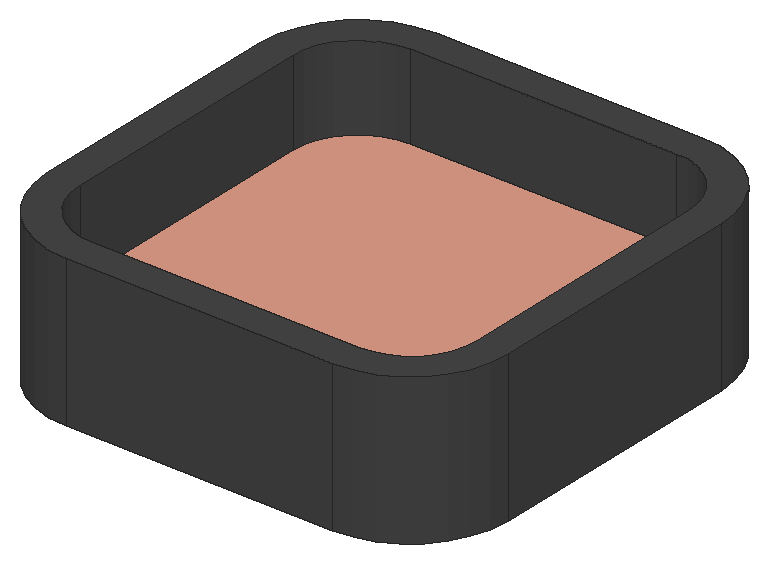
Revit family "VISS SQUARE LED LIGHT", category Lighting Fixtures, host Face, Revit 2020 (continued)
Types (65): name | Wattage Comments | Wattage | built-in parameter 1150134 | Surface Mount | Surface Acoustic Body | Photometric Web File | Order number | built-in parameter 1150142 | Model | built-in parameter 1150105 | Lumens | built-in parameter 1150107 | built-in parameter 1150106 | H1 | Fixture Width | Finish/Color | B2 | B1 | Apparent Load | Aircraft Cable Pendant Mount | Acoustic Body
  VSI-S-5032-40901-SMK-WH | "50 W" | 23.5624 W | 12 | yes | no | "VSI-S-5032-40901.IES" | "17636" | "IESNA:LM-63-2002\r\n[TEST] \r\n[DATE] 2019-08-21\r\n[MANUFAC] Aboveall lighting\r\n[LUMCAT] \r\n[LUMINAIRE] VSI-S-5032-40901\r\n[LAMPCAT] \r\n[LAMP] SAMSUNG 2835 4000K\r\nTILT=NONE\r\n1 4307.5 1.35 91 13 1 2 0.8 0.8 0.088 \r\n1 1 52.5\r\n0. 1. 2. 3. 4. 5. 6. 7. 8. 9. 10. 11. 12. 13. 14. 15. 16. 17. 18. 19. 20. 21. 22. 23. 24. 25. 26. 27. 28. 29. 30. 31. 32. 33. 34. 35. 36. 37. 38. 39. 40. 41. 42. 43. 44. 45. 46. 47. 48. 49. 50. 51. 52. 53. 54. 55. 56. 57. 58. 59. 60. 61. 62. 63. 64. 65. 66. 67. 68. 69. 70. 71. 72. 73. 74. 75. 76. 77. 78. 79. 80. 81. 82. 83. 84. 85. 86. 87. 88. 89. 90. \r\n0. 30. 60. 90. 120. 150. 180. 210. 240. 270. 300. 330. 360. \r\n856.032 858.511 858.865 858.865 858.511 857.803 857.448 856.032 854.97 853.554 852.138 851.076 848.598 846.12 842.933 841.163 839.393 835.853 833.729 829.835 825.232 822.754 817.444 812.133 808.947 803.283 800.096 793.016 786.29 782.749 776.023 768.942 765.402 757.259 749.117 744.869 736.372 727.521 722.919 713.714 709.112 699.553 689.995 680.082 675.48 669.815 659.549 654.238 643.617 634.059 628.04 617.42 612.109 595.824 590.514 585.203 574.228 568.918 557.589 546.615 540.95 530.329 519.001 513.336 501.299 489.617 483.244 470.499 449.612 449.612 433.681 416.333 406.775 387.303 376.329 351.193 333.81 293.062 248.384 225.762 181.367 158.745 75.691 70.911 52.148 21.454 11.4 1.912 2.018 2.195 2.372 \r\n856.032 854.262 854.616 854.97 854.97 854.616 854.262 853.554 852.492 851.784 850.014 848.598 847.536 845.058 842.579 841.517 838.331 835.499 833.375 829.481 825.586 823.108 818.506 816.382 811.425 808.593 802.929 797.264 794.078 787.706 784.873 776.023 775.315 764.694 760.8 756.905 749.117 745.223 736.372 728.229 723.627 714.776 705.926 701.677 692.473 682.914 677.958 668.399 658.486 653.176 643.263 632.643 627.686 617.066 611.755 601.134 589.452 584.141 572.812 567.148 555.819 549.801 538.118 526.081 519.709 507.318 500.591 487.138 472.977 465.189 440.761 440.761 422.706 402.172 390.844 365.0 337.917 322.835 287.752 245.977 224.133 180.199 136.512 76.363 73.92 39.863 27.295 10.125 0.46 0.425 0.425 \r\n856.032 854.616 854.616 854.616 854.262 853.908 853.2 852.846 852.138 851.43 850.014 848.244 847.182 845.058 843.642 840.809 839.039 835.853 832.313 830.189 826.648 824.17 819.922 817.444 812.487 807.177 804.345 798.68 792.308 789.122 782.749 775.669 772.482 765.048 757.613 753.719 746.285 737.788 733.54 724.689 715.838 711.59 702.386 698.137 688.933 684.33 674.772 665.213 659.903 649.99 644.68 639.369 623.438 618.482 607.861 602.551 591.576 579.539 573.875 562.9 557.235 545.552 533.516 527.851 515.814 503.778 497.405 484.306 470.853 465.897 449.612 433.681 433.681 405.713 395.092 372.08 346.732 331.332 301.027 282.972 243.498 201.511 180.517 140.088 121.147 102.03 47.723 47.723 3.257 0.602 0.46 \r\n856.032 854.97 854.616 853.554 852.846 852.138 851.076 849.306 847.536 846.474 844.35 842.933 839.747 836.207 834.791 830.897 828.772 824.878 820.276 817.798 812.487 806.823 803.991 798.326 791.6 784.873 776.023 774.961 771.42 763.986 756.197 751.949 743.806 739.558 730.353 725.751 716.901 707.342 702.74 693.181 688.225 678.312 668.399 663.089 653.176 647.866 631.935 626.27 620.96 609.631 604.321 592.284 580.955 575.645 564.316 552.633 535.994 535.994 524.665 519.001 508.026 496.697 491.033 479.704 473.685 462.003 449.966 443.593 430.14 415.625 406.775 389.782 380.577 361.46 351.193 325.42 269.413 269.413 227.532 206.609 166.25 146.637 77.0 72.717 56.184 14.019 5.381 0.46 0.425 0.425 0.46 \r\n856.032 856.386 856.032 854.97 854.262 853.554 852.492 850.368 850.014 847.89 846.474 844.35 841.517 840.455 837.269 833.375 831.605 827.356 823.108 821.338 816.382 811.425 808.593 803.283 797.618 794.432 791.246 784.165 777.793 770.712 766.818 759.738 751.595 748.409 744.161 736.018 727.167 722.919 718.671 705.218 700.615 691.411 686.454 676.896 666.275 661.673 651.76 646.804 636.183 630.518 620.606 609.985 598.656 593.7 582.371 571.396 565.732 554.403 542.366 537.056 525.019 512.982 506.964 493.865 487.492 475.102 468.375 465.897 442.885 435.805 420.582 412.439 395.446 375.975 365.708 343.05 330.978 304.638 290.194 256.172 217.478 197.086 155.028 117.182 99.729 64.999 46.625 46.625 0.814 0.566 0.46 \r\n856.032 856.032 854.97 853.908 853.2 851.43 849.306 848.244 846.12 842.933 841.871 838.331 837.269 833.375 829.481 827.002 822.754 820.63 815.674 811.071 808.593 802.929 800.096 794.078 787.706 784.165 776.023 774.961 767.526 764.34 756.197 748.409 744.515 732.124 727.875 723.627 714.776 705.926 701.323 691.765 682.56 677.604 668.045 658.132 653.176 643.263 632.643 626.978 616.357 610.693 600.072 589.098 583.433 572.812 567.148 555.819 550.155 538.826 533.162 521.479 509.796 503.778 491.741 485.368 472.977 459.878 452.09 438.283 423.414 407.837 399.694 381.639 361.814 351.228 328.11 315.507 287.645 253.34 234.223 194.678 175.065 136.547 117.926 76.257 46.448 30.977 7.753 0.46 0.425 0.425 0.46 \r\n856.032 858.157 857.448 856.74 856.032 854.616 853.908 852.846 850.722 849.66 846.828 845.766 842.933 839.747 837.977 834.437 832.667 828.772 824.524 822.046 817.09 814.611 808.947 803.283 800.45 794.078 790.892 784.165 780.625 773.545 766.11 761.862 753.719 749.471 741.328 732.832 728.229 719.379 709.82 700.615 695.305 686.1 676.188 671.231 660.965 655.654 645.033 634.413 629.102 617.774 612.109 601.134 590.16 584.495 573.166 567.856 556.881 550.863 539.888 528.205 522.895 511.566 505.548 493.865 482.536 476.872 466.251 454.568 448.55 436.513 423.768 417.041 403.234 387.657 379.515 362.168 362.168 333.775 322.694 307.081 252.243 212.203 192.059 153.116 135.061 116.439 58.343 47.864 9.205 0.566 0.46 \r\n856.032 853.2 852.846 851.784 850.368 850.014 848.244 847.182 845.058 842.933 841.871 839.393 837.623 834.437 830.897 829.126 825.586 823.108 821.338 814.257 811.425 806.469 801.158 798.326 792.662 789.476 783.103 776.731 770.004 766.464 759.03 755.489 747.701 740.266 736.018 727.875 723.273 715.13 705.572 700.969 692.473 687.871 678.312 668.753 663.797 653.884 648.928 638.661 633.705 623.792 613.171 607.861 596.886 586.265 581.309 570.334 558.297 552.633 541.304 529.267 523.603 511.92 499.883 493.511 480.766 475.102 465.897 449.966 442.531 428.016 420.228 403.588 385.533 375.975 354.025 342.979 319.189 306.125 277.237 241.339 222.115 182.394 162.639 124.758 89.25 71.867 47.581 14.657 2.124 2.053 2.053 \r\n856.032 853.554 852.846 852.138 851.43 850.014 849.306 847.182 845.412 843.996 841.871 839.747 837.269 834.437 832.313 828.772 827.002 822.4 820.276 815.674 811.071 808.239 802.929 800.096 794.432 788.06 784.873 776.377 776.023 768.942 761.862 757.967 750.179 742.744 734.602 730.353 721.149 716.901 708.404 698.845 694.243 684.684 674.772 669.815 659.549 654.592 644.325 639.015 628.394 617.774 612.109 601.134 595.824 584.849 572.812 567.502 556.527 551.217 534.224 534.224 522.895 511.566 505.548 493.511 480.766 474.393 460.941 446.426 438.637 422.706 404.651 394.738 372.434 350.06 337.315 310.586 296.213 263.607 224.947 204.839 165.046 145.681 76.611 72.611 56.184 29.242 18.338 2.691 1.77 1.912 2.053 \r\n856.032 855.324 855.324 855.324 854.97 854.616 853.554 853.554 852.138 850.722 849.66 847.89 846.12 844.704 842.579 839.747 837.623 834.083 830.543 828.418 824.17 821.692 816.736 813.903 808.593 802.929 800.096 793.37 790.184 783.811 776.731 773.545 765.756 761.508 753.719 745.577 741.328 732.478 727.875 719.025 709.112 704.51 694.597 683.622 678.666 668.399 657.424 652.468 641.493 630.872 625.208 614.233 608.569 597.948 586.619 581.309 571.042 565.378 554.403 543.782 537.41 531.746 521.125 509.796 498.821 493.511 482.182 476.164 465.897 465.897 446.426 432.264 424.476 408.191 390.49 380.931 359.689 333.067 316.392 277.449 232.807 211.636 170.463 131.202 112.226 76.611 76.611 48.324 9.346 1.912 2.018 \r\n856.032 856.386 856.74 856.74 856.74 856.032 855.324 854.97 853.908 852.492 851.784 849.66 847.536 846.12 843.642 840.455 839.039 835.853 831.959 829.835 825.586 820.984 818.86 813.549 810.717 805.407 802.575 796.556 790.538 787.352 776.023 773.899 770.358 763.278 759.738 751.595 747.347 739.558 735.31 726.813 717.609 713.36 704.156 694.243 689.641 679.728 669.815 664.505 653.884 643.617 637.599 626.624 615.649 610.339 599.01 588.035 582.725 571.75 566.086 554.757 549.093 537.764 525.727 519.709 506.964 500.591 487.138 480.058 464.481 448.196 439.345 420.582 410.315 388.719 364.646 337.775 323.402 292.283 253.765 233.019 190.713 169.755 129.679 75.62 73.389 42.341 19.082 11.541 1.841 1.947 2.018 \r\n856.032 857.095 857.448 857.803 858.157 857.803 857.803 857.448 857.095 856.032 856.032 853.554 851.784 851.784 848.952 847.89 845.058 842.225 840.809 837.269 835.499 831.605 829.835 825.232 820.63 818.152 812.841 807.531 804.345 798.68 792.308 789.122 782.395 775.315 771.774 764.694 756.905 753.011 744.869 740.974 732.478 723.981 719.733 710.882 706.28 696.721 687.162 682.206 672.647 667.691 662.735 652.468 642.201 636.891 626.624 616.357 610.693 600.072 588.39 583.079 571.396 559.714 553.695 542.012 528.913 523.603 509.796 496.343 489.617 475.102 466.251 466.251 434.035 424.476 403.942 380.931 368.54 341.988 327.438 294.195 274.688 232.24 188.695 167.064 124.511 101.57 64.645 47.793 7.328 2.053 2.372 \r\n856.032 858.511 858.865 858.865 858.511 857.803 857.448 856.032 854.97 853.554 852.138 851.076 848.598 846.12 842.933 841.163 839.393 835.853 833.729 829.835 825.232 822.754 817.444 812.133 808.947 803.283 800.096 793.016 786.29 782.749 776.023 768.942 765.402 757.259 749.117 744.869 736.372 727.521 722.919 713.714 709.112 699.553 689.995 680.082 675.48 669.815 659.549 654.238 643.617 634.059 628.04 617.42 612.109 595.824 590.514 585.203 574.228 568.918 557.589 546.615 540.95 530.329 519.001 513.336 501.299 489.617 483.244 470.499 449.612 449.612 433.681 416.333 406.775 387.303 376.329 351.193 333.81 293.062 248.384 225.762 181.367 158.745 75.691 70.911 52.148 21.454 11.4 1.912 2.018 2.195 2.372 \r\n" | "VSI-S-5032-40901-SMK-WH" | 278.52 (stored number, unit not read) | 3500 lm | 4000 (stored number, unit not read) | 2.7852 (stored number, unit not read) | 5' - 0.15864" | 2' - 7 1/2" | White | 0' - 11 3/4" | 1' - 3 1/4" | 62.5 VA | no | no
  VSI-S-1514-40901-SMK-BK | "15 W" | 7.06871 W | 12 | yes | no | "generic" | "17637" | (empty or 0) | "VSI-S-1514-40901-SMK-BK" | 83.556 (stored number, unit not read) | 1050 lm | 4000 (stored number, unit not read) | 0.83556 (stored number, unit not read) | 4' - 11.08136" | 1' - 2 51/256" | Black | 0' - 3.09961" | 0' - 6.59961" | 18.75 VA | no | no
  VSI-S-2518-40901-SMK-BK | "25 W" | 11.7812 W | 12 | yes | no | "generic" | "17638" | (empty or 0) | "VSI-S-2518-40901-SMK-BK" | 139.26 (stored number, unit not read) | 1750 lm | 4000 (stored number, unit not read) | 1.3926 (stored number, unit not read) | 4' - 11.19898" | 1' - 5 179/256" | Black | 0' - 4.84961" | 0' - 8.34961" | 31.25 VA | no | no
  VSI-S-3624-40901-SMK-BK | "36 W" | 16.9649 W | 12 | yes | no | "VSI-S-3624-40901.IES" | "17639" | "IESNA:LM-63-2002\r\n[TEST] \r\n[DATE] 2019-08-21\r\n[MANUFAC] Aboveall lighting\r\n[LUMCAT] \r\n[LUMINAIRE] VSI-S-3624-40901\r\n[LAMPCAT] \r\n[LAMP] SAMSUNG 2835 4000K\r\nTILT=NONE\r\n1 3104.55 1.0 91 13 1 2 0.6 0.6 0.088 \r\n1 1 35.03\r\n0. 1. 2. 3. 4. 5. 6. 7. 8. 9. 10. 11. 12. 13. 14. 15. 16. 17. 18. 19. 20. 21. 22. 23. 24. 25. 26. 27. 28. 29. 30. 31. 32. 33. 34. 35. 36. 37. 38. 39. 40. 41. 42. 43. 44. 45. 46. 47. 48. 49. 50. 51. 52. 53. 54. 55. 56. 57. 58. 59. 60. 61. 62. 63. 64. 65. 66. 67. 68. 69. 70. 71. 72. 73. 74. 75. 76. 77. 78. 79. 80. 81. 82. 83. 84. 85. 86. 87. 88. 89. 90. \r\n0. 30. 60. 90. 120. 150. 180. 210. 240. 270. 300. 330. 360. \r\n856.032 858.511 858.865 858.865 858.511 857.803 857.448 856.032 854.97 853.554 852.138 851.076 848.598 846.12 842.933 841.163 839.393 835.853 833.729 829.835 825.232 822.754 817.444 812.133 808.947 803.283 800.096 793.016 786.29 782.749 776.023 768.942 765.402 757.259 749.117 744.869 736.372 727.521 722.919 713.714 709.112 699.553 689.995 680.082 675.48 669.815 659.549 654.238 643.617 634.059 628.04 617.42 612.109 595.824 590.514 585.203 574.228 568.918 557.589 546.615 540.95 530.329 519.001 513.336 501.299 489.617 483.244 470.499 449.612 449.612 433.681 416.333 406.775 387.303 376.329 351.193 333.81 293.062 248.384 225.762 181.367 158.745 75.691 70.911 52.148 21.454 11.4 1.912 2.018 2.195 2.372 \r\n856.032 854.262 854.616 854.97 854.97 854.616 854.262 853.554 852.492 851.784 850.014 848.598 847.536 845.058 842.579 841.517 838.331 835.499 833.375 829.481 825.586 823.108 818.506 816.382 811.425 808.593 802.929 797.264 794.078 787.706 784.873 776.023 775.315 764.694 760.8 756.905 749.117 745.223 736.372 728.229 723.627 714.776 705.926 701.677 692.473 682.914 677.958 668.399 658.486 653.176 643.263 632.643 627.686 617.066 611.755 601.134 589.452 584.141 572.812 567.148 555.819 549.801 538.118 526.081 519.709 507.318 500.591 487.138 472.977 465.189 440.761 440.761 422.706 402.172 390.844 365.0 337.917 322.835 287.752 245.977 224.133 180.199 136.512 76.363 73.92 39.863 27.295 10.125 0.46 0.425 0.425 \r\n856.032 854.616 854.616 854.616 854.262 853.908 853.2 852.846 852.138 851.43 850.014 848.244 847.182 845.058 843.642 840.809 839.039 835.853 832.313 830.189 826.648 824.17 819.922 817.444 812.487 807.177 804.345 798.68 792.308 789.122 782.749 775.669 772.482 765.048 757.613 753.719 746.285 737.788 733.54 724.689 715.838 711.59 702.386 698.137 688.933 684.33 674.772 665.213 659.903 649.99 644.68 639.369 623.438 618.482 607.861 602.551 591.576 579.539 573.875 562.9 557.235 545.552 533.516 527.851 515.814 503.778 497.405 484.306 470.853 465.897 449.612 433.681 433.681 405.713 395.092 372.08 346.732 331.332 301.027 282.972 243.498 201.511 180.517 140.088 121.147 102.03 47.723 47.723 3.257 0.602 0.46 \r\n856.032 854.97 854.616 853.554 852.846 852.138 851.076 849.306 847.536 846.474 844.35 842.933 839.747 836.207 834.791 830.897 828.772 824.878 820.276 817.798 812.487 806.823 803.991 798.326 791.6 784.873 776.023 774.961 771.42 763.986 756.197 751.949 743.806 739.558 730.353 725.751 716.901 707.342 702.74 693.181 688.225 678.312 668.399 663.089 653.176 647.866 631.935 626.27 620.96 609.631 604.321 592.284 580.955 575.645 564.316 552.633 535.994 535.994 524.665 519.001 508.026 496.697 491.033 479.704 473.685 462.003 449.966 443.593 430.14 415.625 406.775 389.782 380.577 361.46 351.193 325.42 269.413 269.413 227.532 206.609 166.25 146.637 77.0 72.717 56.184 14.019 5.381 0.46 0.425 0.425 0.46 \r\n856.032 856.386 856.032 854.97 854.262 853.554 852.492 850.368 850.014 847.89 846.474 844.35 841.517 840.455 837.269 833.375 831.605 827.356 823.108 821.338 816.382 811.425 808.593 803.283 797.618 794.432 791.246 784.165 777.793 770.712 766.818 759.738 751.595 748.409 744.161 736.018 727.167 722.919 718.671 705.218 700.615 691.411 686.454 676.896 666.275 661.673 651.76 646.804 636.183 630.518 620.606 609.985 598.656 593.7 582.371 571.396 565.732 554.403 542.366 537.056 525.019 512.982 506.964 493.865 487.492 475.102 468.375 465.897 442.885 435.805 420.582 412.439 395.446 375.975 365.708 343.05 330.978 304.638 290.194 256.172 217.478 197.086 155.028 117.182 99.729 64.999 46.625 46.625 0.814 0.566 0.46 \r\n856.032 856.032 854.97 853.908 853.2 851.43 849.306 848.244 846.12 842.933 841.871 838.331 837.269 833.375 829.481 827.002 822.754 820.63 815.674 811.071 808.593 802.929 800.096 794.078 787.706 784.165 776.023 774.961 767.526 764.34 756.197 748.409 744.515 732.124 727.875 723.627 714.776 705.926 701.323 691.765 682.56 677.604 668.045 658.132 653.176 643.263 632.643 626.978 616.357 610.693 600.072 589.098 583.433 572.812 567.148 555.819 550.155 538.826 533.162 521.479 509.796 503.778 491.741 485.368 472.977 459.878 452.09 438.283 423.414 407.837 399.694 381.639 361.814 351.228 328.11 315.507 287.645 253.34 234.223 194.678 175.065 136.547 117.926 76.257 46.448 30.977 7.753 0.46 0.425 0.425 0.46 \r\n856.032 858.157 857.448 856.74 856.032 854.616 853.908 852.846 850.722 849.66 846.828 845.766 842.933 839.747 837.977 834.437 832.667 828.772 824.524 822.046 817.09 814.611 808.947 803.283 800.45 794.078 790.892 784.165 780.625 773.545 766.11 761.862 753.719 749.471 741.328 732.832 728.229 719.379 709.82 700.615 695.305 686.1 676.188 671.231 660.965 655.654 645.033 634.413 629.102 617.774 612.109 601.134 590.16 584.495 573.166 567.856 556.881 550.863 539.888 528.205 522.895 511.566 505.548 493.865 482.536 476.872 466.251 454.568 448.55 436.513 423.768 417.041 403.234 387.657 379.515 362.168 362.168 333.775 322.694 307.081 252.243 212.203 192.059 153.116 135.061 116.439 58.343 47.864 9.205 0.566 0.46 \r\n856.032 853.2 852.846 851.784 850.368 850.014 848.244 847.182 845.058 842.933 841.871 839.393 837.623 834.437 830.897 829.126 825.586 823.108 821.338 814.257 811.425 806.469 801.158 798.326 792.662 789.476 783.103 776.731 770.004 766.464 759.03 755.489 747.701 740.266 736.018 727.875 723.273 715.13 705.572 700.969 692.473 687.871 678.312 668.753 663.797 653.884 648.928 638.661 633.705 623.792 613.171 607.861 596.886 586.265 581.309 570.334 558.297 552.633 541.304 529.267 523.603 511.92 499.883 493.511 480.766 475.102 465.897 449.966 442.531 428.016 420.228 403.588 385.533 375.975 354.025 342.979 319.189 306.125 277.237 241.339 222.115 182.394 162.639 124.758 89.25 71.867 47.581 14.657 2.124 2.053 2.053 \r\n856.032 853.554 852.846 852.138 851.43 850.014 849.306 847.182 845.412 843.996 841.871 839.747 837.269 834.437 832.313 828.772 827.002 822.4 820.276 815.674 811.071 808.239 802.929 800.096 794.432 788.06 784.873 776.377 776.023 768.942 761.862 757.967 750.179 742.744 734.602 730.353 721.149 716.901 708.404 698.845 694.243 684.684 674.772 669.815 659.549 654.592 644.325 639.015 628.394 617.774 612.109 601.134 595.824 584.849 572.812 567.502 556.527 551.217 534.224 534.224 522.895 511.566 505.548 493.511 480.766 474.393 460.941 446.426 438.637 422.706 404.651 394.738 372.434 350.06 337.315 310.586 296.213 263.607 224.947 204.839 165.046 145.681 76.611 72.611 56.184 29.242 18.338 2.691 1.77 1.912 2.053 \r\n856.032 855.324 855.324 855.324 854.97 854.616 853.554 853.554 852.138 850.722 849.66 847.89 846.12 844.704 842.579 839.747 837.623 834.083 830.543 828.418 824.17 821.692 816.736 813.903 808.593 802.929 800.096 793.37 790.184 783.811 776.731 773.545 765.756 761.508 753.719 745.577 741.328 732.478 727.875 719.025 709.112 704.51 694.597 683.622 678.666 668.399 657.424 652.468 641.493 630.872 625.208 614.233 608.569 597.948 586.619 581.309 571.042 565.378 554.403 543.782 537.41 531.746 521.125 509.796 498.821 493.511 482.182 476.164 465.897 465.897 446.426 432.264 424.476 408.191 390.49 380.931 359.689 333.067 316.392 277.449 232.807 211.636 170.463 131.202 112.226 76.611 76.611 48.324 9.346 1.912 2.018 \r\n856.032 856.386 856.74 856.74 856.74 856.032 855.324 854.97 853.908 852.492 851.784 849.66 847.536 846.12 843.642 840.455 839.039 835.853 831.959 829.835 825.586 820.984 818.86 813.549 810.717 805.407 802.575 796.556 790.538 787.352 776.023 773.899 770.358 763.278 759.738 751.595 747.347 739.558 735.31 726.813 717.609 713.36 704.156 694.243 689.641 679.728 669.815 664.505 653.884 643.617 637.599 626.624 615.649 610.339 599.01 588.035 582.725 571.75 566.086 554.757 549.093 537.764 525.727 519.709 506.964 500.591 487.138 480.058 464.481 448.196 439.345 420.582 410.315 388.719 364.646 337.775 323.402 292.283 253.765 233.019 190.713 169.755 129.679 75.62 73.389 42.341 19.082 11.541 1.841 1.947 2.018 \r\n856.032 857.095 857.448 857.803 858.157 857.803 857.803 857.448 857.095 856.032 856.032 853.554 851.784 851.784 848.952 847.89 845.058 842.225 840.809 837.269 835.499 831.605 829.835 825.232 820.63 818.152 812.841 807.531 804.345 798.68 792.308 789.122 782.395 775.315 771.774 764.694 756.905 753.011 744.869 740.974 732.478 723.981 719.733 710.882 706.28 696.721 687.162 682.206 672.647 667.691 662.735 652.468 642.201 636.891 626.624 616.357 610.693 600.072 588.39 583.079 571.396 559.714 553.695 542.012 528.913 523.603 509.796 496.343 489.617 475.102 466.251 466.251 434.035 424.476 403.942 380.931 368.54 341.988 327.438 294.195 274.688 232.24 188.695 167.064 124.511 101.57 64.645 47.793 7.328 2.053 2.372 \r\n856.032 858.511 858.865 858.865 858.511 857.803 857.448 856.032 854.97 853.554 852.138 851.076 848.598 846.12 842.933 841.163 839.393 835.853 833.729 829.835 825.232 822.754 817.444 812.133 808.947 803.283 800.096 793.016 786.29 782.749 776.023 768.942 765.402 757.259 749.117 744.869 736.372 727.521 722.919 713.714 709.112 699.553 689.995 680.082 675.48 669.815 659.549 654.238 643.617 634.059 628.04 617.42 612.109 595.824 590.514 585.203 574.228 568.918 557.589 546.615 540.95 530.329 519.001 513.336 501.299 489.617 483.244 470.499 449.612 449.612 433.681 416.333 406.775 387.303 376.329 351.193 333.81 293.062 248.384 225.762 181.367 158.745 75.691 70.911 52.148 21.454 11.4 1.912 2.018 2.195 2.372 \r\n" | "VSI-S-3624-40901-SMK-BK" | 200.54 (stored number, unit not read) | 2520 lm | 4000 (stored number, unit not read) | 2.0054 (stored number, unit not read) | 4' - 11.51346" | 1' - 11 77/128" | Black | 0' - 7 205/256" | 0' - 11 77/256" | 31.25 VA | no | no
